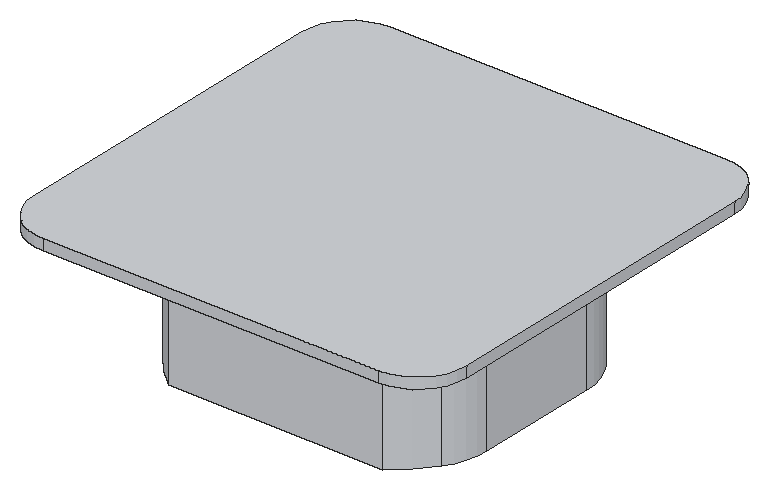
Revit family "Gira_540600", category Electrical Fixtures, host Face, Revit 2017
Family settings
  Host = Face
  Maintain Annotation Orientation = Yes
  Round Connector Dimension = Use Diameter
  Part Type = Normal
  Cut with Voids When Loaded = No
  Shared = No
  Room Calculation Point = No
Parameters (values of type "S3000 DALI-Power-Steuereinheit UP-Eins. Einsatz")
  Zusammenstellung = "Basiselement"
  Werkstoffgüte = "sonstige"
  Werkstoff = "sonstige"
  URL = "http://katalog.gira.de/de_DE/datenblatt.html?artikelnr=540600"
  Transparent = "No"
  Region = "DE"
  Oberfläche = "sonstige"
  Name = "S3000 DALI-Power-Steuereinheit UP-Eins. Einsatz"
  Montageart = "unter Putz"
  Manufacturer URL = "https://www.gira.de/"
  Lastart = "universal"
  Keynote = "Einsatz_1fach"
  HeinzeBIM = "https://bimportal.heinze.de/bim/s3000-dali-power-steuereinheit-up-eins-einsatz/f134dee6a4adfe96b5e31364bdf07ac166377fee"
  HAN = "540600"
  GTIN = "4010337048275"
  Default Elevation = 1219.2 mm
  Data sheet (1) = "https://katalog.gira.de/de_DE/download.html?artikelnr=540600"
  Category = "Elektronischer Schalter"
  Befestigungsart = "Krallen-/Schraubbefestigung"
  Available = "Yes"
  Ausführung der Oberfläche = "nicht zutreffend"
  Ausführung = "Nebenstelle"
Reference planes
  plane 1 "Center (Front/Back)": y = 0
  plane 2: z = 0
  plane 3 "Center (Left/Right)": x = 0
Forms (mm)
  Extrusion 1, solid, detail levels fine
    sketch origin (0, 0, 0) x (1, 0, 0) y (0, 1, 0)
      loop
        line (27.475, 35.475) -> (-27.475, 35.475)
        arc (-27.475, 35.475) -> (-33.132, 33.132) -> (-35.475, 27.475) r 8
        line (-35.475, 27.475) -> (-35.475, -27.475)
        arc (-35.475, -27.475) -> (-33.132, -33.132) -> (-27.475, -35.475) r 8
        line (-27.475, -35.475) -> (27.475, -35.475)
        arc (27.475, -35.475) -> (33.132, -33.132) -> (35.475, -27.475) r 8
        line (35.475, -27.475) -> (35.475, 27.475)
        arc (35.475, 27.475) -> (33.132, 33.132) -> (27.475, 35.475) r 8
    from 0 to 1.8
  Extrusion 2, solid, detail levels fine
    sketch origin (0, 0, 0) x (1, 0, 0) y (0, 1, 0)
      loop
        line (9.678, 25.4) -> (-9.678, 25.4)
        arc (-9.678, 25.4) -> (-12.885, 24.922) -> (-15.814, 23.53) r 11
        arc (-15.814, 23.53) -> (-17.795, 22.07) -> (-19.641, 20.444) r 28.35
        arc (-19.641, 20.444) -> (-21.339, 18.665) -> (-22.876, 16.745) r 28.35
        arc (-22.876, 16.745) -> (-24.456, 13.666) -> (-25, 10.248) r 11
        line (-25, 10.248) -> (-25, -10.248)
        arc (-25, -10.248) -> (-24.456, -13.666) -> (-22.876, -16.745) r 11
        arc (-22.876, -16.745) -> (-20.409, -19.677) -> (-17.569, -22.25) r 28.35
        line (-17.569, -22.25) -> (17.569, -22.25)
        arc (17.569, -22.25) -> (20.409, -19.677) -> (22.876, -16.745) r 28.35
        arc (22.876, -16.745) -> (24.456, -13.666) -> (25, -10.248) r 11
        line (25, -10.248) -> (25, 10.248)
        arc (25, 10.248) -> (24.456, 13.666) -> (22.876, 16.745) r 11
        arc (22.876, 16.745) -> (21.593, 18.37) -> (20.195, 19.897) r 28.35
        arc (20.195, 19.897) -> (18.096, 21.823) -> (15.814, 23.53) r 28.35
        arc (15.814, 23.53) -> (12.885, 24.922) -> (9.678, 25.4) r 11
    from 0 to -22
  Extrusion 3, solid, detail levels medium
    sketch origin (0, 0, 0) x (1, 0, 0) y (0, 1, 0)
      loop
        line (-25, 25.4) -> (-25, -22.25) -> (25, -22.25) -> (25, 25.4) -> (-25, 25.4)
    from 0 to -22
  Extrusion 4, solid, detail levels coarse
    sketch origin (0, 0, 0) x (1, 0, 0) y (0, 1, 0)
      loop
        line (35.475, 35.475) -> (-35.475, 35.475) -> (-35.475, -35.475) -> (35.475, -35.475) -> (35.475, 35.475)
    from -22 to 1.8
  Extrusion 5, solid, detail levels medium
    sketch origin (0, 0, 0) x (1, 0, 0) y (0, 1, 0)
      loop
        line (35.475, 35.475) -> (-35.475, 35.475) -> (-35.475, -35.475) -> (35.475, -35.475) -> (35.475, 35.475)
    from 0 to 1.8
Dimensions and locks
  aligned and locked: plane 2 to host face
  aligned and locked: level to host face
  aligned and locked: plane 3 "Center (Left/Right)" to nested 1
  aligned and locked: plane 1 "Center (Front/Back)" to nested 1
Nested families
  nested 1: "RJ45-Datendose Beschriftung" at (0, 0, 0), type "RJ45-Datendose Beschriftung"
Connectors
  electrical at (0, 0, -22)
    settings: on Extrusion 4, index 1, voltage 220 V, apparent load 0 VA, apparent load phase1 0 VA, apparent load phase2 0 VA, apparent load phase3 0 VA, power factor 1, load classification "Other", number of poles 1, system type 30, power factor state 1, is connector primary yes, connector utility no, sub classification motor no, connector description ""
Definition of nested family "RJ45-Datendose Beschriftung"
  Reference planes
    plane 1: y = 0
    plane 2: x = 0
  Lines and regions (mm)
    Filled region 1, type "Gefüllter Bereich 1"
      outline origin (0, 0, 0) x (1, 0, 0) y (0, 1, 0)
        loop
          circle (0, 2.4) r 0.4
    detail lines
      curve 1: line (0, 0, 0) -> (0, 2, 0)
      curve 2: line (0, 2, 0) -> (1.2, 2, 0)
      curve 3: line (1.2, 2, 0) -> (1.2, 3.6, 0)
      curve 4: circle (0, 2.4, 0) r 0.4 normal (0, 0, 1)
      curve 5: line (0, 2, 0) -> (-1.2, 2, 0)
      curve 6: line (-1.2, 2, 0) -> (-1.2, 3.6, 0)
